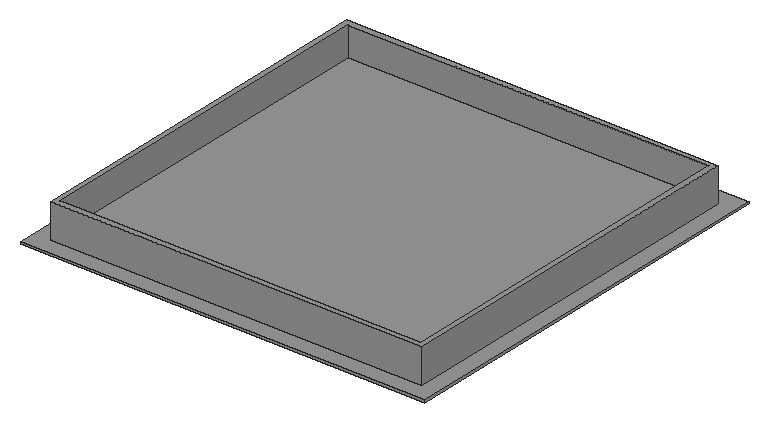
Revit family "Rahmenkassette Schwerlast, blind, RKSL, Nenngröße 350-3, Belastungsklasse 1", category Generic Models, Revit 2015
Parameters (values of type "RK SL1 V3 40")
  Width 1 = 388 mm
  Width = 424 mm
  URL = "http://www.obo-bettermann.com"
  Material = Stainless Steel
  Manufacturer Art.No. = "7405928"
  Manufacturer = "OBO Bettermann"
  Height 1 = 38 mm
  Height = 40 mm
  GTIN = "4012195105954"
  Cut depth = 5 mm
  Article Type = "RK SL1 V3 40"
Types (5, lengths in mm): name | Manufacturer Art.No. | Height 1 | Height | GTIN | Cut depth | Article Type
  (no name) | "7405928" | 38 | 40 | "4012195105954" | 5 | "RK SL1 V3 40"
  RK SL1 V3 20 | "7405912" | 18 | 20 | "4012195105893" | 5 | "RK SL1 V3 20"
  RK SL1 V3 25 | "7405916" | 23 | 25 | "4012195105909" | 5 | "RK SL1 V3 25"
  RK SL1 V3 30 | "7405920" | 28 | 30 | "4012195105930" | 0 | "RK SL1 V3 30"
  RK SL1 V3 40 | "7405928" | 38 | 40 | "4012195105954" | 5 | "RK SL1 V3 40"
Reference planes
  plane 1 "Center (Front/Back)": y = 0
  plane 2: z = 0
  plane 3 "Center (Left/Right)": x = 0
  plane 4: z = 2
  plane 5: y = 175
  plane 6: y = -175
  plane 7: z = 7
Forms (mm)
  Extrusion 1, solid, material "Stainless Steel" <- "Material"
    sketch origin (-120.2, 200.2, 0) x (1, 0, 0) y (0, 1, 0)
      loop
        line (-73.8, -6.2) -> (-73.8, -394.2) -> (314.2, -394.2) -> (314.2, -6.2) -> (-73.8, -6.2)
    from 0 to 38
  Extrusion 2, solid, material "Stainless Steel" <- "Material"
    sketch origin (0, 0, 0) x (1, 0, 0) y (0, 1, 0)
      loop
        line (-212, 212) -> (-212, -212) -> (212, -212) -> (212, 212) -> (-212, 212)
      loop
        line (194, 194) -> (-194, 194) -> (-194, -194) -> (194, -194) -> (194, 194)
    from 0 to 2
  Extrusion 3, void
    sketch origin (0, 0, 0) x (1, 0, 0) y (0, 1, 0)
      loop
        line (-189.1, 189.1) -> (-189.1, -189.1) -> (189.1, -189.1) -> (189.1, 189.1) -> (-189.1, 189.1)
    from 7 to 38
  Extrusion 4, solid, material "Stainless Steel" <- "Material"
    sketch origin (0, 0, 0) x (1, 0, 0) y (0, 0, 1)
      loop
        line (-61, 0) -> (-61, -35) -> (-49, -35) -> (-49, -33) -> (-59, -33) -> (-59, 0) -> (-61, 0)
      loop
        line (59, 0) -> (59, -33) -> (46, -33) -> (46, -35) -> (61, -35) -> (61, 0) -> (59, 0)
    from -175 to 175
  Extrusion 5, void
    sketch origin (0, 0, 0) x (0, 1, 0) y (0, 0, 1)
      loop
        line (175, 0) -> (153, -33) -> (153, -35) -> (175, -35) -> (175, 0)
      loop
        line (-175, 0) -> (-175, -35) -> (-153, -35) -> (-153, -33) -> (-175, 0)
    from -61 to 61
Cuts and joins
  Extrusion 3 cuts Extrusion 1
  Extrusion 5 cuts Extrusion 4
Dimensions and locks
  "Width 1": Extrusion 1 sketch curve to Extrusion 1 sketch curve  (x2)
  equal spacing: Extrusion 1 sketch curve, plane 3 "Center (Left/Right)", Extrusion 1 sketch curve
  equal spacing: Extrusion 1 sketch curve, plane 1 "Center (Front/Back)", Extrusion 1 sketch curve
  "Height 1": Extrusion 1 to level
  "Width": Extrusion 2 sketch curve to Extrusion 2 sketch curve  (x2)
  equal spacing: Extrusion 2 sketch curve, plane 3 "Center (Left/Right)", Extrusion 2 sketch curve
  equal spacing: Extrusion 2 sketch curve, plane 1 "Center (Front/Back)", Extrusion 2 sketch curve
  locked: plane 4 to level at 2
  locked: Extrusion 3 sketch curve to Extrusion 3 sketch curve at 378.2  (x2)
  locked: Extrusion 4 sketch curve to Extrusion 4 sketch curve at 2  (x4)
  locked: Extrusion 2 to Extrusion 4 sketch curve at 35  (x2)
  locked: Extrusion 4 sketch curve to Extrusion 4 sketch curve at 118
  equal spacing: Extrusion 4 sketch curve, plane 3 "Center (Left/Right)", Extrusion 4 sketch curve, locked at 59 each
  locked: plane 5 to plane 6 at 350
  locked: plane 5 to plane 1 "Center (Front/Back)" at 175
  locked: Extrusion 4 to Extrusion 5 sketch curve at 22
  locked: Extrusion 4 to Extrusion 5 sketch curve at 35  (x2)
  locked: Extrusion 4 to Extrusion 5 sketch curve at 2  (x2)
  locked: Extrusion 5 sketch curve to Extrusion 4 at 22
  "Cut depth": plane 7 to plane 4
  locked: Extrusion 3 sketch curve to plane 3 "Center (Left/Right)" at 189.1
  locked: plane 1 "Center (Front/Back)" to Extrusion 3 sketch curve at 189.1
  aligned and locked: level to plane 2
  aligned and locked: Extrusion 1 to level
  aligned and locked: Extrusion 2 to level
  aligned and locked: Extrusion 2 to plane 4
  aligned and locked: Extrusion 2 sketch curve to Extrusion 1  (x4)
  aligned and locked: Extrusion 1 to Extrusion 3
  aligned and locked: Extrusion 4 to plane 5
  aligned and locked: plane 6 to Extrusion 4
  aligned and locked: Extrusion 5 sketch curve to plane 5
  aligned and locked: plane 6 to Extrusion 5 sketch curve
  aligned and locked: Extrusion 5 to Extrusion 4  (x2)
  aligned and locked: Extrusion 3 to plane 7
Automatic sketch dimensions
  Extrusion 4 sketch curve to level = 0 mm  (x2)
  Extrusion 4 sketch curve to Extrusion 4 sketch curve = 10 mm
  Extrusion 4 sketch curve to Extrusion 4 sketch curve = 13 mm
